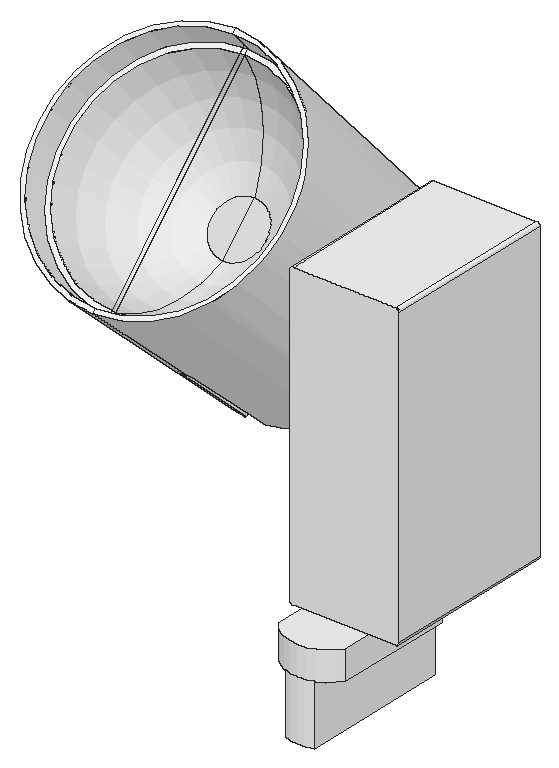
Revit family "0004929 Feilo Sylvania Lighting Fixture START TRACK SPOT L DALI 4448LM 930 MB WHT", category Lighting Fixtures, host Face, Revit 2017 (continued)
Definition of nested family "Start Track Spot Head"
  Types (96, lengths in mm): name | Wattage | built-in parameter 1150134 | Photometric Web File | Model | built-in parameter 1150105 | Lumens | built-in parameter 1150107 | built-in parameter 1150106 | HeadThickness_FEILO | HeadRibOffset_FEILO | HeadRibDepth_FEILO | HeadRibCutWidth_FEILO | HeadRibCutOffset_FEILO | HeadReflectorRadius_FEILO | HeadReflectorOffset_FEILO | HeadLEDRadius_FEILO | HeadHeight_FEILO | HeadDiffusorOffset_FEILO | HeadDiaOut_FEILO | HeadDiaIn_FEILO | HeadAxisFromTop_FEILO | Emit from Circle Diameter | built-in parameter 1150104 | Description | Apparent Load
    0004812 START TRACK SPOT S 14W 3K RA80 MB WHITE | 14 W | (empty or 0) | "0004812.ies" | "START TRACK SPOT S 14W 3K RA80 MB WHITE" | 120.32 (stored number, unit not read) | 1512 lm | 3000 (stored number, unit not read) | 1.2032 (stored number, unit not read) | 1.5 | 4.179 | 55.714 | 7.167 | 50.87 | 50.588 | 55.714 | 9.556 | 117 | 9.435 | 86 | 77.477 | 69.354 | 77.477 | 10.034 (stored number, unit not read) | "Integrated LED spotlight, Textured White - RAL9016, compact and minimalist design, ideal for retail applications, die-cast aluminium body, passive cooling heatsink. Beam angle: 36°, color temperature: 3000K , total system power: 14W, total fixture output: 1508 lm, LOR: 100%, colour rendering: Ra: 80 typical, LED Chromaticity: 3 step MacAdam ellipse, lifetime: >50000 hours at L70B50, energy class: A++, A+, A, IR/UV free light source without heat radiation, operating voltage: 220-240V / 50-60Hz, drive current: 350mA, electronic driver, non-dimmable, power factor: 0.92, electrical protection: Class II, Global Track 3 Phase adapter suitable for Global trac 3-circuit tracks, ingress protection rating: IP20, suitable for internal environment only, horizontal rotation: 355°, vertical tilt: 90°, dimensions: Ø86x140x200, weight: 0.940kg." | 14 VA
    0004811 START TRACK SPOT S 14W 3K RA80 NB WHITE | 14 W | (empty or 0) | "0004811.ies" | "START TRACK SPOT S 14W 3K RA80 NB WHITE" | 123.66 (stored number, unit not read) | 1554 lm | 3000 (stored number, unit not read) | 1.2366 (stored number, unit not read) | 1.5 | 4.179 | 55.714 | 7.167 | 50.87 | 50.588 | 55.714 | 9.556 | 117 | 9.435 | 86 | 77.477 | 69.354 | 77.477 | 10.312 (stored number, unit not read) | "Integrated LED spotlight, Textured White - RAL9016, compact and minimalist design, ideal for retail applications, die-cast aluminium body, passive cooling heatsink. Beam angle: 12°, color temperature: 3000K , total system power: 14W, total fixture output: 1551 lm, LOR: 100%, colour rendering: Ra: 80 typical, LED Chromaticity: 3 step MacAdam ellipse, lifetime: >50000 hours at L70B50, energy class: A++, A+, A, IR/UV free light source without heat radiation, operating voltage: 220-240V / 50-60Hz, drive current: 350mA, electronic driver, non-dimmable, power factor: 0.92, electrical protection: Class II, Global Track 3 Phase adapter suitable for Global trac 3-circuit tracks, ingress protection rating: IP20, suitable for internal environment only, horizontal rotation: 355°, vertical tilt: 90°, dimensions: Ø86x140x200, weight: 0.940kg." | 14 VA
  Reference planes
    plane 1 "Center (Front/Back)": y = 0
    plane 2: z = 0
    plane 3 "Center (Left/Right)": x = 0
    plane 4: x = 43
    plane 5: x = -43
    plane 6: x = -38.739
    plane 7: x = 38.739
    plane 8: z = 69.354
    plane 9: z = -47.646
    plane 10: x = -41.5
    plane 11: x = -37.239
    plane 12: z = -38.211
    plane 13: z = -35.211
    plane 14: z = 8.068
    plane 15: x = -9.556
    plane 16: x = -28.667
    plane 17: x = -19.111
    plane 18: x = -27.167
    plane 19: x = -17.611
    plane 20: x = -8.056
    plane 21: z = 13.64
    plane 22: x = -29.667
    plane 23: x = -26.167
    plane 24: x = -20.111
    plane 25: x = -16.611
    plane 26: x = -10.556
    plane 27: x = -7.056
    plane 28: x = -36.239
    plane 29: x = -40.5
    plane 30: z = 65.175
    plane 31: z = 60.997
    plane 32: z = 56.818
    plane 33: z = 18.484
    plane 34: y = -43
    plane 35: y = 43
    plane 36: y = 3.583
    plane 37: y = -3.583
    plane 38: y = -2.583
    plane 39: y = 2.583
    plane 40: y = 46
    plane 41: z = 13.5
    plane 42: z = -13.5
    plane 43: y = 39
    plane 44: x = 4.708
    plane 45: x = -2.458
    plane 46: x = -1.458
    plane 47: x = 1.458
  Forms (mm)
    Extrusion 1, solid
      sketch origin (4.2, 0, 0) x (1, 0, 0) y (0, 1, 0)
        loop
          line (-1219.2, 1219.2) -> (-1219.2, -1219.2) -> (1219.2, -1219.2) -> (1219.2, 1219.2) -> (-1219.2, 1219.2)
      from 0 to -68.017
    Revolve 2, solid, material <- "Material_1_FEILO", detail levels medium+fine
      sketch origin (0, 0, 0) x (1, 0, 0) y (0, 0, 1)
        loop
          line (-43, -47.646) -> (-41.5, -47.646) -> (-40.5, -35.211) -> (-38.739, -35.211)
          arc (-38.739, -35.211) -> (-30.16, -9.517) -> (-9.556, 8.068) r 50.588
          line (-9.556, 8.068) -> (0, 8.068) -> (0, 13.64) -> (-16.611, 13.64) -> (-17.611, 60.997) -> (-19.111, 60.997) -> (-20.111, 13.64) -> (-36.239, 13.64) -> (-37.239, 69.354) -> (-38.739, 69.354) -> (-43, -47.646)
        axis (0, 69.354) -> (0, -47.646)
      angle from 360 to 0
    Extrusion 3, void
      sketch origin (0, 0, 0) x (0, 1, 0) y (0, 0, 1)
        loop
          line (-3.583, 69.354) -> (-2.583, 18.484) -> (1.932, 18.484) -> (2.932, 69.354) -> (-3.583, 69.354)
      from 43 to -43
    Revolve 4, solid, material <- "Material_2_FEILO", detail levels medium+fine
      sketch origin (0, 0, 0) x (1, 0, 0) y (0, 0, 1)
        loop
          line (-41.5, -38.211) -> (0, -38.211) -> (0, -35.211) -> (-41.5, -35.211) -> (-41.5, -38.211)
        axis (0, -35.211) -> (0, -38.211)
      angle from 360 to 0
    Revolve 5, solid, material <- "Material_1_FEILO"
      sketch origin (0, 0, 0) x (0, 1, 0) y (0, 0, 1)
        loop
          line (46, 0) -> (39, 0) -> (39, -13.5) -> (46, -13.5) -> (46, 0)
        axis (39, 0) -> (46, 0)
      angle from 360 to 0
    Revolve 6, solid, material <- "Material_1_FEILO", detail levels medium+fine
      sketch origin (0, 0, 0) x (1, 0, 0) y (0, 0, 1)
        loop
          line (-29.667, 13.64) -> (-26.167, 13.64) -> (-27.167, 65.175) -> (-28.667, 65.175) -> (-29.667, 13.64)
        loop
          line (-10.556, 13.64) -> (-7.056, 13.64) -> (-7.833, 56.818) -> (-9.778, 56.818) -> (-10.556, 13.64)
        axis (0, 65.175) -> (0, 13.64)
      angle from 360 to 0
    Extrusion 7, void
      sketch origin (0, 0, 0) x (1, 0, 0) y (0, 0, 1)
        loop
          line (4.708, 69.354) -> (-2.458, 69.354) -> (-1.458, 13.64) -> (1.458, 13.64) -> (4.708, 69.354)
      from -43 to 43
    Revolve 8, solid, material <- "Material_1_FEILO", detail levels coarse
      sketch origin (0, 0, 0) x (1, 0, 0) y (0, 0, 1)
        loop
          line (0, 69.354) -> (-38.739, 69.354) -> (-43, -47.646) -> (-41.5, -47.646) -> (-40.731, -38.211) -> (0, -38.211) -> (0, 69.354)
        axis (0, 69.354) -> (0, -47.646)
      angle from 360 to 0
  Cuts and joins
    Extrusion 3 cuts Revolve 2
    Extrusion 7 cuts Revolve 6
  Dimensions and locks
    equal spacing: plane 7, plane 3 "Center (Left/Right)", plane 6
    equal spacing: plane 4, plane 3 "Center (Left/Right)", plane 5
    "HeadDiaOut_FEILO": plane 4 to plane 5
    "HeadDiaIn_FEILO": plane 7 to plane 6
    "HeadHeight_FEILO": plane 8 to plane 9
    "HeadThickness_FEILO": plane 10 to plane 5
    "HeadThickness_FEILO": plane 11 to plane 6
    "HeadDiffusorOffset_FEILO": plane 12 to plane 9
    "HeadDiffusorThickness_FEILO": plane 13 to plane 12
    "HeadReflectorOffset_FEILO": plane 14 to plane 9
    "HeadLEDRadius_FEILO": plane 3 "Center (Left/Right)" to plane 15
    "HeadLEDRadius_FEILO": plane 15 to plane 17
    "HeadLEDRadius_FEILO": plane 17 to plane 16
    "HeadThickness_FEILO": plane 18 to plane 16
    "HeadThickness_FEILO": plane 19 to plane 17
    "HeadThickness_FEILO": plane 20 to plane 15
    "HeadRibDepth_FEILO": plane 8 to plane 21
    "HeadDraft_FEILO": plane 16 to plane 22
    "HeadDraft_FEILO": plane 23 to plane 18
    "HeadDraft_FEILO": plane 17 to plane 24
    "HeadDraft_FEILO": plane 25 to plane 19
    "HeadDraft_FEILO": plane 15 to plane 26
    "HeadDraft_FEILO": plane 27 to plane 20
    "HeadDraft_FEILO": plane 29 to plane 10
    "HeadDraft_FEILO": plane 28 to plane 11
    "HeadRibOffset_FEILO": plane 8 to plane 30
    "HeadRibOffset_FEILO": plane 30 to plane 31
    "HeadRibOffset_FEILO": plane 31 to plane 32
    "HeadAxisFromTop_FEILO": plane 8 to plane 2
    "HeadRibCutOffset_FEILO": plane 8 to plane 33
    equal spacing: plane 34, plane 1 "Center (Front/Back)", plane 35
    "HeadDiaOut_FEILO": plane 34 to plane 35
    equal spacing: plane 38, plane 1 "Center (Front/Back)", plane 39
    equal spacing: plane 37, plane 1 "Center (Front/Back)", plane 36
    "HeadRibCutWidth_FEILO": plane 37 to plane 36
    "HeadDraft_FEILO": plane 37 to plane 38
    locked: plane 35 to plane 40 at 3
    equal spacing: plane 41, plane 2, plane 42
    locked: plane 42 to plane 41 at 27
    locked: plane 43 to plane 35 at 4
    equal spacing: plane 45, imposter light, plane 44
    "HeadDraft_FEILO": plane 46 to plane 45
    "HeadRibCutWidth_FEILO": plane 44 to plane 45
    equal spacing: plane 47, plane 3 "Center (Left/Right)", plane 46
    "HeadReflectorRadius_FEILO": radius of Revolve 2 sketch curve
    aligned and locked: plane 2 to Extrusion 1
    aligned and locked: level to Extrusion 1
    aligned and locked: Revolve 2 sketch curve to plane 3 "Center (Left/Right)"  (x2)
    aligned and locked: plane 9 to Revolve 2 sketch curve  (x2)
    aligned and locked: plane 5 to Revolve 2 sketch curve
    aligned and locked: plane 10 to Revolve 2 sketch curve
    aligned and locked: plane 14 to Revolve 2 sketch curve
    aligned and locked: plane 8 to Revolve 2 sketch curve
    aligned and locked: Revolve 2 sketch curve to plane 13
    aligned and locked: plane 12 to Revolve 4 sketch curve
    aligned and locked: plane 3 "Center (Left/Right)" to Revolve 4 sketch curve
    aligned and locked: Revolve 4 sketch curve to plane 10
    aligned and locked: Revolve 4 sketch curve to plane 3 "Center (Left/Right)"
    aligned and locked: plane 12 to imposter light
    aligned and locked: imposter light to plane 1 "Center (Front/Back)"
    aligned and locked: Revolve 5 sketch curve to plane 2
    aligned and locked: plane 43 to Revolve 5 sketch curve
    aligned and locked: plane 42 to Revolve 5 sketch curve
    aligned and locked: Revolve 6 sketch curve to plane 3 "Center (Left/Right)"
    aligned and locked: plane 22 to Revolve 6 sketch curve
    aligned and locked: plane 30 to Revolve 6 sketch curve
    aligned and locked: plane 23 to Revolve 6 sketch curve
    aligned and locked: Revolve 6 sketch curve to plane 21  (x2)
    aligned and locked: plane 21 to Revolve 6 sketch curve
    aligned and locked: plane 17 to Revolve 2 sketch curve
    aligned and locked: plane 19 to Revolve 2 sketch curve
    aligned and locked: plane 31 to Revolve 2 sketch curve
    aligned and locked: plane 21 to Revolve 2 sketch curve
    aligned and locked: Extrusion 3 to plane 8
    aligned and locked: plane 33 to Extrusion 3
    aligned and locked: plane 8 to Extrusion 3 sketch curve
    aligned and locked: Extrusion 3 sketch curve to plane 33
    aligned and locked: Extrusion 3 to plane 5
    aligned and locked: plane 4 to Extrusion 3
    aligned and locked: plane 32 to Revolve 6 sketch curve
    aligned and locked: plane 44 to Extrusion 7 sketch curve
    aligned and locked: Extrusion 7 sketch curve to plane 8
    aligned and locked: plane 46 to Extrusion 7 sketch curve
    aligned and locked: plane 21 to Extrusion 7 sketch curve
    aligned and locked: plane 34 to Extrusion 7
    aligned and locked: Extrusion 7 to plane 35
    aligned and locked: Revolve 4 sketch curve to plane 13
    aligned and locked: Revolve 5 sketch curve to plane 40
    aligned and locked: Revolve 8 sketch curve to plane 3 "Center (Left/Right)"
    aligned and locked: Revolve 8 sketch curve to cut or joined group of Revolve 2, Extrusion 3  (x3)
    aligned and locked: plane 5 to Revolve 8 sketch curve
    aligned and locked: plane 3 "Center (Left/Right)" to Revolve 8 sketch curve
    aligned and locked: plane 12 to Revolve 8 sketch curve
  Automatic sketch dimensions
    Extrusion 1 sketch curve to Extrusion 1 sketch curve = 2438.4 mm  (x2)
    Extrusion 3 sketch curve to plane 37 = 0 mm
    Extrusion 3 sketch curve to plane 38 = 0 mm
    plane 39 to Extrusion 3 sketch curve = 0.651 mm
    Extrusion 3 sketch curve to plane 39 = 0.349 mm
    Revolve 6 sketch curve to plane 16 = 0 mm
    Revolve 6 sketch curve to plane 18 = 0 mm
    Revolve 6 sketch curve to plane 26 = 0 mm
    Revolve 6 sketch curve to plane 27 = 0 mm
    Revolve 6 sketch curve to plane 15 = 0.222 mm
    plane 9 to Revolve 6 sketch curve = 559.103 mm
    Revolve 6 sketch curve to plane 8 = 2535.555 mm
    plane 20 to Revolve 6 sketch curve = 0.222 mm
    Revolve 2 sketch curve to plane 29 = 0 mm
    Revolve 2 sketch curve to plane 6 = 0 mm  (x2)
    Revolve 2 sketch curve to plane 11 = 0 mm
    Revolve 2 sketch curve to plane 21 = 0 mm
    Revolve 2 sketch curve to plane 28 = 0 mm
    Revolve 2 sketch curve to plane 24 = 0 mm
    Revolve 2 sketch curve to plane 25 = 0 mm
    Revolve 2 sketch curve to plane 15 = 0 mm
    Revolve 2 sketch curve to Revolve 2 sketch curve = 557.155 mm
    Revolve 2 sketch curve to plane 8 = 2535.558 mm
    Extrusion 7 sketch curve to plane 45 = 0 mm
    Extrusion 7 sketch curve to plane 47 = 0 mm
    plane 9 to Revolve 4 sketch curve = 559.103 mm
    Revolve 4 sketch curve to plane 8 = 2535.555 mm
    Revolve 5 sketch curve to level = 0 mm
    plane 34 to Revolve 5 sketch curve = 1968.092 mm
    Revolve 5 sketch curve to plane 40 = 1405.763 mm
    Revolve 8 sketch curve to plane 6 = 0 mm
    Revolve 8 sketch curve to plane 29 = 0.231 mm
    plane 9 to Revolve 8 sketch curve = 559.103 mm
    Revolve 8 sketch curve to Revolve 8 sketch curve = 2535.555 mm
Definition of nested family "Start Track Spot Box"
  Parameters (values of type "Type Large White")
    URL = "http://www.feilosylvania.com"
    Type Image = (empty or 0)
    Type Comments = "n/a"
    Small_FEILO = no
    Material_3_FEILO = none
    Model = ""
    Manufacturer = "Feilo Sylvania"
    Keynote = ""
    Material_2_FEILO = none
    Description = ""
    Default Elevation = 1219.2 mm
    Cost = 0
    Material_1_FEILO = none
    BoxWidth_FEILO = 49 mm
    BoxStartAngle_FEILO [instance] = 0.00°
    BoxRadius_FEILO = 1.5 mm
    BoxHeight_FEILO = if(Small_FEILO, 112 mm, 136 mm)  # 136 mm
    BoxEndAngle_FEILO [instance] = BoxStartAngle_FEILO - 180.00°  # -180.00°
    BoxDepth_FEILO = if(Small_FEILO, 71.5 mm, 79 mm)  # 79 mm
    BoxAxisVerticalOffset_FEILO = 16 mm
    BoxAxisOffset_FEILO = BoxHeight_FEILO / 6.8  # 20 mm
    Assembly Code = ""
    Material_4_FEILO = none
  Types (4, lengths in mm): name | Small_FEILO | BoxHeight_FEILO | BoxDepth_FEILO | BoxAxisOffset_FEILO
    Type Large White | no | 136 | 79 | 20
    Type Small White | yes | 112 | 71.5 | 16.471
    Type Small Black | yes | 112 | 71.5 | 16.471
    Type Large Black | no | 136 | 79 | 20
  Reference planes
    plane 1 "Center (Front/Back)": y = 0
    plane 2: z = 0
    plane 3 "Center (Left/Right)": x = 0
    plane 4: x = 24.5
    plane 5: x = -24.5
    plane 6: y = 68
    plane 7: y = -68
    plane 8: z = 39.5
    plane 9: z = -39.5
    plane 10: y = -48
    plane 11: x = 30.5
    plane 12: x = 8.5
    plane 13: x = 21.5
    plane 14: y = 70
    plane 15: y = 72
    plane 16: x = 19.5
  Forms (mm)
    Extrusion 1, solid
      sketch origin (4.2, 0, 0) x (1, 0, 0) y (0, 1, 0)
        loop
          line (-1219.2, 1219.2) -> (-1219.2, -1219.2) -> (1219.2, -1219.2) -> (1219.2, 1219.2) -> (-1219.2, 1219.2)
      from 0 to -68.017
    Extrusion 2, solid, material <- "Material_1_FEILO"
      sketch origin (0, 0, 0) x (1, 0, 0) y (0, 1, 0)
        loop
          arc (-23, 68) -> (-24.061, 67.561) -> (-24.5, 66.5) r 1.5
          line (-24.5, 66.5) -> (-24.5, -66.5)
          arc (-24.5, -66.5) -> (-24.061, -67.561) -> (-23, -68) r 1.5
          line (-23, -68) -> (23, -68)
          arc (23, -68) -> (24.061, -67.561) -> (24.5, -66.5) r 1.5
          line (24.5, -66.5) -> (24.5, 66.5)
          arc (24.5, 66.5) -> (24.061, 67.561) -> (23, 68) r 1.5
          line (23, 68) -> (-23, 68)
      from -39.5 to 39.5
    Revolve 3, solid, not visible
      sketch origin (0, 0, 0) x (1, 0, 0) y (0, 1, 0)
        loop
          line (30.5, -48) -> (24.5, -48) -> (24.5, -68) -> (30.5, -68) -> (30.5, -48)
        axis (30.5, -48) -> (24.5, -48)
      angle from 0 <- "BoxStartAngle_FEILO" to -180 <- "BoxEndAngle_FEILO"
    Revolve 4, solid, material <- "Material_2_FEILO"
      sketch origin (0, 0, 0) x (1, 0, 0) y (0, 1, 0)
        loop
          line (8.5, 68) -> (19.5, 68) -> (19.5, 70) -> (21.5, 70) -> (21.5, 72) -> (8.5, 72) -> (8.5, 68)
        axis (8.5, 72) -> (8.5, 68)
      angle from 360 to 0
  Dimensions and locks
    equal spacing: plane 5, plane 3 "Center (Left/Right)", plane 4
    "BoxWidth_FEILO": plane 5 to plane 4
    equal spacing: plane 7, plane 1 "Center (Front/Back)", plane 6
    "BoxHeight_FEILO": plane 7 to plane 6
    equal spacing: plane 8, plane 2, plane 9
    "BoxDepth_FEILO": plane 8 to plane 9
    "BoxAxisOffset_FEILO": plane 7 to plane 10
    locked: plane 4 to plane 11 at 6
    "BoxAxisVerticalOffset_FEILO": plane 12 to plane 4
    locked: plane 12 to plane 13 at 13
    plane 6 to plane 14 to plane 15 = 2 mm locked, 2 mm locked
    locked: plane 12 to plane 16 at 11
    "BoxRadius_FEILO": radius of Extrusion 2 sketch curve  (x4)
    aligned and locked: plane 2 to Extrusion 1
    aligned and locked: level to Extrusion 1
    aligned and locked: plane 6 to Extrusion 2 sketch curve
    aligned and locked: plane 5 to Extrusion 2 sketch curve
    aligned and locked: Extrusion 2 sketch curve to plane 7
    aligned and locked: Extrusion 2 sketch curve to plane 4
    aligned and locked: Extrusion 2 to plane 8
    aligned and locked: plane 9 to Extrusion 2
    aligned and locked: Revolve 3 sketch curve to plane 10  (x2)
    aligned and locked: plane 11 to Revolve 3 sketch curve
    aligned and locked: Revolve 3 sketch curve to plane 4
    aligned and locked: plane 7 to Revolve 3 sketch curve
    aligned and locked: Revolve 4 sketch curve to plane 12
    aligned and locked: plane 6 to Revolve 4 sketch curve
    aligned and locked: plane 12 to Revolve 4 sketch curve
    aligned and locked: plane 15 to Revolve 4 sketch curve
    aligned and locked: Revolve 4 sketch curve to plane 13
    aligned and locked: Revolve 4 sketch curve to plane 14
    aligned and locked: Revolve 4 sketch curve to plane 16
    aligned and locked: Revolve 4 sketch curve to plane 6
  Automatic sketch dimensions
    Extrusion 1 sketch curve to Extrusion 1 sketch curve = 2438.4 mm  (x2)
    Revolve 3 sketch curve to plane 5 = 1499.5 mm
    plane 11 to Revolve 3 sketch curve = 1493.5 mm
    plane 15 to Revolve 4 sketch curve = 0 mm
    plane 7 to Revolve 4 sketch curve = 1456 mm
    Revolve 4 sketch curve to plane 15 = 1452 mm
